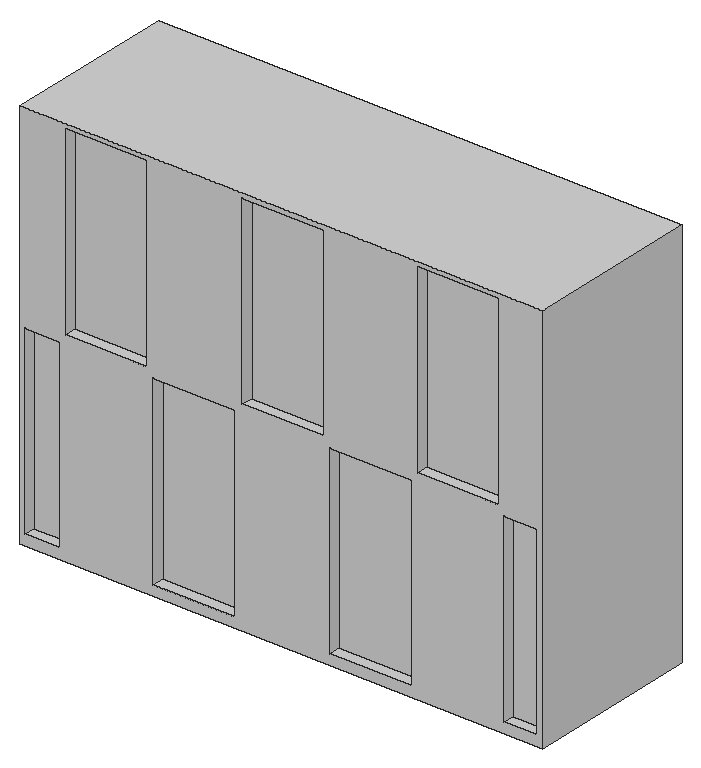
Revit family "SA 7H6W", category Mechanical Equipment, Revit 2019
Family settings
  Round Connector Dimension = Use Diameter
  Part Type = Normal
  OmniClass Number = 23.75.00.00
  OmniClass Title = Climate Control (HVAC)
  Work Plane-Based = No
  Always vertical = Yes
  Cut with Voids When Loaded = No
  Shared = No
  Room Calculation Point = No
Parameters (values of type "7H6W SA")
  Width = 5' - 4 1/2"
  Weight (lbs.) = "4554"
  URL = "www.renewaire.com"
  Model = "7H6W SA"
  Manufacturer = "Renewaire LLC"
  Length = 16' - 3 3/8"
  Housing = Metal - RenewAire - Anodized - Gray Text
  Height = 12' - 1 3/8"
  Description = "Energy Recovery Ventilator"
  Cores (L125-G5) = "42"
  Airflow Range (CFM) = "10,500-46,200"
Reference planes (in)
  plane 1 "Center (Front/Back)": y = 0
  plane 2: z = 0
  plane 3 "Center (Left/Right)": x = 0
Forms (in)
  Extrusion 1, solid, material "Metal - RenewAire - Anodized - Gray Text" <- "Housing"
    sketch origin (0, -16.07731, 0) x (0, 1, 0) y (0, 0, 1)
      loop
        line (32.26413, 145.375) -> (-32.26413, 145.375) -> (-32.26413, 0) -> (32.26413, 0) -> (32.26413, 145.375)
    from 0 to 193.625
  Extrusion 2, void
    sketch origin (-0.54697, -14.11828, -1.5286) x (1, 0, 0) y (0, 0, 1)
      loop
        line (2.375, 73.78305) -> (2.375, 5.25) -> (15.17072, 5.25) -> (15.17072, 73.78305) -> (2.375, 73.78305)
      loop
        line (49.92926, 73.78305) -> (49.92926, 5.25) -> (80.17926, 5.25) -> (80.17926, 73.78305) -> (49.92926, 73.78305)
      loop
        line (47.67194, 145.375) -> (17.42194, 145.375) -> (17.42194, 76.78305) -> (47.67194, 76.78305) -> (47.67194, 145.375)
      loop
        line (82.94551, 145.31611) -> (82.94551, 76.78305) -> (113.19551, 76.78305) -> (113.19551, 145.31611) -> (82.94551, 145.31611)
      loop
        line (115.42072, 73.78305) -> (115.42072, 5.25) -> (145.67072, 5.25) -> (145.67072, 73.78305) -> (115.42072, 73.78305)
      loop
        line (147.83521, 145.31611) -> (147.83521, 76.78305) -> (178.08521, 76.78305) -> (178.08521, 145.31611) -> (147.83521, 145.31611)
      loop
        line (179.92072, 73.78305) -> (179.92072, 5.25) -> (192.17072, 5.25) -> (192.17072, 73.78305) -> (179.92072, 73.78305)
    from 30 to 38.22316
  Extrusion 3, void
    sketch origin (-0.54729, 49.88172, -1.52719) x (1, 0, 0) y (0, 0, 1)
      loop
        line (2.375, 73.78305) -> (2.375, 5.25) -> (15.17072, 5.25) -> (15.17072, 73.78305) -> (2.375, 73.78305)
      loop
        line (49.92926, 73.78305) -> (49.92926, 5.25) -> (80.25787, 5.25) -> (80.25787, 73.78305) -> (49.92926, 73.78305)
      loop
        line (47.75055, 145.375) -> (17.42194, 145.375) -> (17.42194, 76.78305) -> (47.75055, 76.78305) -> (47.75055, 145.375)
      loop
        line (82.94551, 145.31611) -> (82.94551, 76.78305) -> (113.14979, 76.78305) -> (113.14979, 145.31611) -> (82.94551, 145.31611)
      loop
        line (115.375, 73.7557) -> (115.375, 5.22264) -> (145.375, 5.22264) -> (145.375, 73.7557) -> (115.375, 73.7557)
      loop
        line (178.0395, 145.28875) -> (147.7895, 145.28875) -> (147.7895, 76.7557) -> (178.0395, 76.7557) -> (178.0395, 145.28875)
      loop
        line (192.17104, 73.78164) -> (179.92104, 73.78164) -> (179.92104, 5.24859) -> (192.17104, 5.24859) -> (192.17104, 73.78164)
    from 30 to 38.22316
Cuts and joins
  Extrusion 2, Extrusion 3 cuts Extrusion 1
Dimensions and locks (in)
  aligned and locked: level to plane 2
